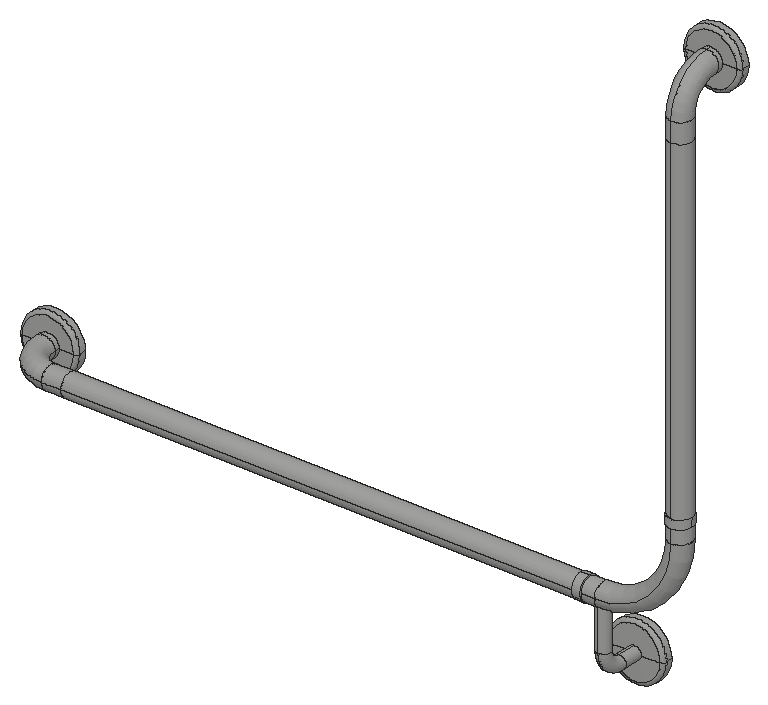
Revit family "RBA4806-901", category Plumbing Fixtures, Revit 2021
Family settings
  Round Connector Dimension = Use Diameter
  Part Type = Normal
  Work Plane-Based = No
  Always vertical = Yes
  Cut with Voids When Loaded = No
  Shared = No
  Room Calculation Point = No
Parameters
  Watermarked By = "www.rba.com.au"
  URL = "www.rba.com.au"
  R_Void [instance] = 15.00 mm
  R [instance] = 0.00 mm
  Phone Number = ""
  Modified Issue = ""
  Model = "RBA4806-901"
  Materials and Finishes = PVD Gunmetal Stainless Steel
  Manufacturer Model = "B819436"
  Manufacturer = "RBA Group"
  Description = "RTA Brushed Gunmetal Left Hand Single Wall 90° Rail"
  Default Elevation = 0.00 mm
  Copyrighted by = "RBA Group"  # constant formula
  Assembly Code = ""
Reference planes
  plane 1 "Center (Front/Back)": y = 0
  plane 2: z = 0
  plane 3: x = 40.5
  plane 4: z = -30
  plane 5: z = 30
  plane 6: x = 70.5
  plane 7: x = 10.5
  plane 8: x = 990.5
  plane 9: x = 515.5
  plane 10: z = 670
  plane 11: z = 730
  plane 12: x = 960.5
  plane 13: x = 1020.5
  plane 14: z = 700
  plane 15: z = -130
  plane 16: z = -70
  plane 17: x = 910.5
  plane 18: x = 850.5
  plane 19: x = 835.5
  plane 20: z = -100
  plane 21: x = 974.5
  plane 22: z = 16
  plane 23: y = -70
  plane 24: y = -86
  plane 25: y = -54
  plane 26: y = -79.5
  plane 27: y = -60.5
Forms (mm)
  Extrusion 1, solid, material "PVD Gunmetal Stainless Steel" <- "Materials and Finishes"
    sketch origin (40.5, -2.628, 315.907) x (0, 0, -1) y (-1, 0, 0)
      loop
        circle (315.907, 0) r 40
    from -0.219 to 2.628
  Revolve 2, solid, material "PVD Gunmetal Stainless Steel" <- "Materials and Finishes"
    sketch origin (40.5, 18.663, 0) x (0, -1, 0) y (1, 0, 0)
      loop
        line (18.663, 0) -> (18.663, -41.5) -> (27.844, -41.5)
        arc (27.844, -41.5) -> (31.337, -40.077) -> (32.842, -36.617) r 5
        line (32.842, -36.617) -> (33.701, 0) -> (18.663, 0)
      axis (18.663, 0) -> (33.701, 0)
    angle from 0 to 360
  Extrusion 3, void
    sketch origin (40.5, 34.941, 315.907) x (0, 0, -1) y (-1, 0, 0)
      loop
        circle (315.907, -30) r 5
      loop
        circle (315.907, 30) r 5
    from -37.788 to -30
  Sweep 4, solid, material "PVD Gunmetal Stainless Steel" <- "Materials and Finishes"
    path origin (40.5, 12.454, 0) x (0, -1, 0) y (-1, 0, 0)
      loop
        line (12.454, 0) -> (34.454, 0)
        arc (34.454, 0) -> (68.395, -14.059) -> (82.454, -48) r 48
        line (82.454, -48) -> (82.454, -76)
    profile origin (40.5, -11, 0) x (1, 0, 0) y (0, 0, 1)
      loop
        circle (0, 0) r 16
  Extrusion 5, solid, material "PVD Gunmetal Stainless Steel" <- "Materials and Finishes"
    sketch origin (990.5, -2.628, 1015.907) x (0, 0, -1) y (-1, 0, 0)
      loop
        circle (315.907, 0) r 40
    from -0.219 to 2.628
  Extrusion 6, void
    sketch origin (990.5, 34.941, 1015.907) x (0, 0, -1) y (-1, 0, 0)
      loop
        circle (315.907, 30) r 5
      loop
        circle (315.907, -30) r 5
    from -37.788 to -30
  Sweep 7, solid, material "PVD Gunmetal Stainless Steel" <- "Materials and Finishes"
    path origin (1690.5, 12.454, 700) x (0, -1, 0) y (0, 0, 1)
      loop
        line (12.454, 0) -> (34.454, 0)
        arc (34.454, 0) -> (68.395, -14.059) -> (82.454, -48) r 48
        line (82.454, -48) -> (82.454, -76)
    profile origin (1690.5, -11, 700) x (0, 0, 1) y (-1, 0, 0)
      loop
        circle (0, 700) r 16
  Revolve 8, solid, material "PVD Gunmetal Stainless Steel" <- "Materials and Finishes"
    sketch origin (990.5, 18.663, 700) x (0, -1, 0) y (1, 0, 0)
      loop
        line (18.663, 0) -> (33.701, 0) -> (32.842, 36.617)
        arc (32.842, 36.617) -> (31.337, 40.077) -> (27.844, 41.5) r 5
        line (27.844, 41.5) -> (18.663, 41.5) -> (18.663, 0)
      axis (18.663, 0) -> (33.701, 0)
    angle from 0 to 360
  Sweep 9, solid, material "PVD Gunmetal Stainless Steel" <- "Materials and Finishes"
    path origin (0, 0, 0) x (1, 0, 0) y (0, 0, 1)
      loop
        line (116.5, 0) -> (880.5, 0)
        arc (880.5, 0) -> (958.282, 32.218) -> (990.5, 110) r 110
        line (990.5, 110) -> (990.5, 624)
    profile origin (498.5, 0, 0) x (0, 0, 1) y (0, -1, 0)
      loop
        circle (0, 70) r 16
  Extrusion 10, solid, material "PVD Gunmetal Stainless Steel" <- "Materials and Finishes"
    sketch origin (880.5, -2.628, 215.907) x (0, 0, -1) y (-1, 0, 0)
      loop
        circle (315.907, 0) r 40
    from -0.219 to 2.628
  Revolve 11, solid, material "PVD Gunmetal Stainless Steel" <- "Materials and Finishes"
    sketch origin (880.5, 18.663, -100) x (0, -1, 0) y (1, 0, 0)
      loop
        line (18.663, 0) -> (18.663, -41.5) -> (27.844, -41.5)
        arc (27.844, -41.5) -> (31.337, -40.077) -> (32.842, -36.617) r 5
        line (32.842, -36.617) -> (33.701, 0) -> (18.663, 0)
      axis (18.663, 0) -> (33.701, 0)
    angle from 0 to 360
  Sweep 12, solid, material "PVD Gunmetal Stainless Steel" <- "Materials and Finishes"
    path origin (880.5, 12.454, -100) x (0, -1, 0) y (0, 0, -1)
      loop
        line (12.454, 0) -> (54.454, 0)
        arc (54.454, 0) -> (74.253, -8.201) -> (82.454, -28) r 28
        line (82.454, -28) -> (82.454, -100)
    profile origin (880.5, -21, -100) x (0, 0, -1) y (1, 0, 0)
      loop
        circle (0, 0) r 9.5
  Extrusion 13, void
    sketch origin (880.5, 34.941, 215.907) x (0, 0, -1) y (-1, 0, 0)
      loop
        circle (315.907, -30) r 5
      loop
        circle (315.907, 30) r 5
    from -37.788 to -30
  Extrusion 14, solid, material "PVD Gunmetal Stainless Steel" <- "Materials and Finishes"
    sketch origin (0, 0, 0) x (1, 0, 0) y (0, 1, 0)
      loop
        circle (990.5, -70) r 17
    from 142 to 130
  Extrusion 15, solid, material "PVD Gunmetal Stainless Steel" <- "Materials and Finishes"
    sketch origin (650.5, 0, 990.5) x (0, 0, -1) y (0, 1, 0)
      loop
        circle (990.5, -70) r 17
    from 210 to 198
Cuts and joins
  Extrusion 3, Extrusion 6, Extrusion 13 cuts Extrusion 1
  Extrusion 3, Extrusion 6, Extrusion 13 cuts Revolve 2
  Extrusion 13 cuts Sweep 4
  Extrusion 6 cuts Revolve 8
  Extrusion 13 cuts Revolve 11
  joined: Revolve 2, Sweep 4, Sweep 7, Revolve 8, Sweep 9, Revolve 11, Sweep 12
  Extrusion 6 cuts Extrusion 5
  Extrusion 13 cuts Extrusion 10
Dimensions and locks
  Revolve 2 sketch curve to Revolve 2 sketch curve = 41.50 mm
  plane 5 to level to plane 4 = 30.00 mm, 30.00 mm
  plane 7 to plane 6 = 60.00 mm
  plane 11 to plane 10 = 60.00 mm
  plane 12 to plane 13 = 60.00 mm
  Revolve 8 sketch curve to Revolve 8 sketch curve = 41.50 mm
  Revolve 11 sketch curve to Revolve 11 sketch curve = 41.50 mm
  plane 16 to plane 15 = 60.00 mm
  plane 18 to plane 17 = 60.00 mm
  level to plane 20 = 100.00 mm
  plane 14 to level = 700.00 mm
  plane 8 to plane 19 = 155.00 mm
  plane 8 to plane 3 = 950.00 mm
  radius of Extrusion 1 sketch curve = 40.00 mm
  radius of Sweep 4 sketch curve = 16.00 mm
  radius of Extrusion 5 sketch curve = 40.00 mm
  radius of Sweep 7 sketch curve = 16.00 mm
  radius of Extrusion 10 sketch curve = 40.00 mm
  radius of Sweep 12 sketch curve = 9.50 mm
  aligned and locked: Revolve 2 to Extrusion 1
  aligned and locked: Revolve 11 to Extrusion 10
